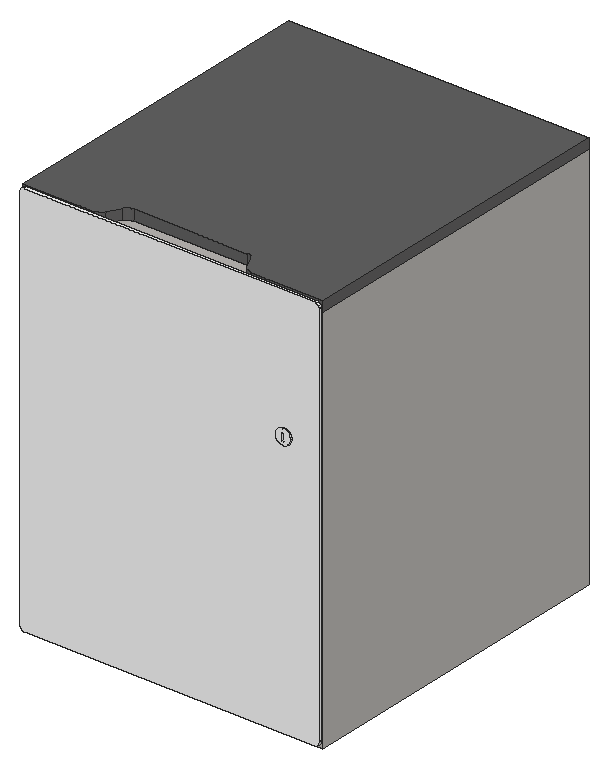
Revit family "Storage-Freestanding-Teknion-JNFMP-Mobile_Pedestal_with_Seat-R2018", category Furniture, Revit 2018
Family settings
  OmniClass Number = 23.40.20.00
  OmniClass Title = General Furniture and Specialties
  Work Plane-Based = No
  Always vertical = Yes
  Cut with Voids When Loaded = No
  Shared = Yes
  Room Calculation Point = No
Parameters (values of type "Metal")
  Warranty = "http://www.teknion.com/ca/papers/legal-canada"
  Unit Weight URL = "http://www.teknion.com/ca/tools/assets#&asset=bee6a381-b954-425e-8283-5a2de3a804f2,f828d448-4b62-4231-9e5f-9a8991c0ed77"
  URL = "www.teknion.com"
  Sustainability Data = "http://www.teknion.com/ca/tools/assets#&topic=216f99a5-57a0-44fc-b10a-9dee9b29ae4c&asset=444deb64-fe58-4b68-981e-f75e97781df7"
  Series = "Expansion Cityline"  # constant formula
  Seat Finish [instance] = Fabric-Teknion-RB11-Carbon
  Product Page URL = "http://www.teknion.com/ca/products/product-details?productlineid=9ad2a26e-8e7a-673b-a6c8-ff05004460c4"
  Product Line = "Expansion Cityline"  # constant formula
  Product Documentation Link = "http://www.teknion.com/pricing/expansion-cityline/pdfs/JNFMP_ppg.pdf"
  Part Number = "JNFMP"  # constant formula
  Model = "JNFMPM"
  Manufacturer Phone = "416-661-3370"  # constant formula
  Manufacturer Fax = "416.661.4586"  # constant formula
  Manufacturer Contact Information = "http://www.teknion.com/ca/contactus"
  Manufacturer Address = "1150 Flint Road, Toronto, ON. M3J 2J5. Canada"  # constant formula
  Manufacturer = "Teknion"  # constant formula
  Has Solid Front Style = not(Has Metal Front Style)  # no
  Has Metal Front Style = yes
  Front Finish = Mica - Teknion - V - Satin - Very White
  Front Door Depth [instance] = if(Has Metal Front Style, 0.118", 0.701")  # 0.118"
  Description = "Mobile Pedestal with Seat - Felt"  # constant formula
  Case Finish [instance] = Source Laminate - Teknion - XS - Storm White
  Assembly Code = "E2020200"
Types (2): name | Model | Has Solid Front Style | Has Metal Front Style | Front Finish | Front Door Depth
  Metal | "JNFMPM" | no | yes | Mica - Teknion - V - Satin - Very White | 0.118"
  Solid | "JNFMPS" | yes | no | Source Laminate - Teknion - XS - Storm White | 0.701"
Reference planes (in)
  plane 1 "Center Front/Back": y = -0.06001
  plane 2: z = -0.01128
  plane 3 "Center Left/Right": x = 0
  plane 4 "Left": x = -7.75
  plane 5 "Right": x = 7.75
  plane 6 "Back": y = 8.55022
  plane 7 "Front": y = -8.67025
  plane 8 "Top": z = 21
  plane 9: y = -8.74899
  plane 10: y = -8.86699
  plane 11: z = 0.24069
  plane 12: z = 20.44882
  plane 13: z = -2.01128
  plane 14: x = -5.93701
  plane 15: x = -4.1063
  plane 16: x = 4.1063
  plane 17: x = 5.93701
  plane 18: x = -0.91535
  plane 19: x = 0.91535
  plane 20: z = 1.55391
  plane 21: y = 12.04801
  plane 22: z = 2.37795
Forms (in)
  Extrusion 1, solid, material "Mica - Teknion - V - Satin - Very White" <- "Front Finish"
    sketch origin (0, -0.06001, 0) x (1, 0, 0) y (0, 0, 1)
      loop
        arc (-7.5, 20.94095) -> (-7.67678, 20.86772) -> (-7.75, 20.69094) r 0.25
        line (-7.75, 20.69094) -> (-7.75, 0.6088)
        arc (-7.75, 0.6088) -> (-7.67678, 0.43202) -> (-7.5, 0.3588) r 0.25
        line (-7.5, 0.3588) -> (7.5, 0.3588)
        arc (7.5, 0.3588) -> (7.67678, 0.43202) -> (7.75, 0.6088) r 0.25
        line (7.75, 0.6088) -> (7.75, 20.69095)
        arc (7.75, 20.69095) -> (7.67678, 20.86772) -> (7.5, 20.94095) r 0.25
        line (7.5, 20.94095) -> (-7.5, 20.94095)
    from 8.68898 to 8.80698
  Extrusion 2, solid, material "Source Laminate - Teknion - XS - Storm White" <- "Case Finish"
    sketch origin (0, 0, 0) x (1, 0, 0) y (0, 1, 0)
      loop
        line (-7.75, 8.55022) -> (-7.75, -8.67025) -> (7.75, -8.67025) -> (7.75, 8.55022) -> (-7.75, 8.55022)
    from 0.24069 to 20.44882
  Extrusion 3, solid, material "Mica - Teknion - V - Satin - Very White"
    sketch origin (0, -0.06001, 0) x (1, 0, 0) y (0, 0, 1)
      loop
        circle (5.91929, 14.14987) r 0.39357
      loop
        line (5.87007, 14.33715) -> (5.87007, 13.96313) -> (5.9685, 13.96313) -> (5.9685, 14.33715) -> (5.87007, 14.33715)
    from 8.80698 to 8.86603
  Extrusion 4, solid, material "Fabric-Teknion-RB11-Carbon" <- "Seat Finish"
    sketch origin (6.75, -180, 20.44882) x (0, -1, 0) y (-1, 0, 0)
      loop
        line (-171.32975, -1) -> (-171.32975, 2.69833)
        arc (-171.32975, 2.69833) -> (-171.3982, 2.93769) -> (-171.58283, 3.10468) r 0.45276
        line (-171.58283, 3.10468) -> (-172.2184, 3.41698)
        arc (-172.2184, 3.41698) -> (-172.40304, 3.58397) -> (-172.47148, 3.82333) r 0.45276
        line (-172.47148, 3.82333) -> (-172.47148, 9.67667)
        arc (-172.47148, 9.67667) -> (-172.40304, 9.91603) -> (-172.2184, 10.08302) r 0.45276
        line (-172.2184, 10.08302) -> (-171.58283, 10.39532)
        arc (-171.58283, 10.39532) -> (-171.3982, 10.56231) -> (-171.32975, 10.80167) r 0.45276
        line (-171.32975, 10.80167) -> (-171.32975, 14.5) -> (-188.55022, 14.5) -> (-188.55022, -1) -> (-171.32975, -1)
    from -0.55118 to 0
  Extrusion 5, void
    sketch origin (6.75, -180, 20.44882) x (-1, 0, 0) y (0, -1, 0)
      loop
        line (13.79921, -192.04801) -> (13.79921, -171.32975) -> (-0.29921, -171.32975) -> (-0.29921, -192.04801) -> (13.79921, -192.04801)
    from -22.4601 to -18.07087
  Extrusion 6, solid, material "Plastic - Teknion - 52 - Ebony"
    sketch origin (5.93701, -5.83454, 48) x (0, 1, 0) y (0, 0, 1)
      loop
        circle (12.50692, -47.04512) r 0.96553
    from -1.83071 to 0
  Extrusion 7, solid, material "Plastic - Teknion - 52 - Ebony"
    sketch origin (-5.93701, -6.07846, 48) x (0, 1, 0) y (0, 0, -1)
      loop
        circle (12.75179, 47.04576) r 0.96553
    from -1.83071 to 0
  Extrusion 8, solid, material "Plastic - Teknion - 52 - Ebony"
    sketch origin (-5.93701, -19.186, 48) x (0, 1, 0) y (0, 0, -1)
      loop
        circle (12.38881, 47.04512) r 0.96553
    from -1.83071 to 0
  Extrusion 9, solid, material "Plastic - Teknion - 52 - Ebony"
    sketch origin (4.1063, -19.186, 48) x (0, 1, 0) y (0, 0, -1)
      loop
        circle (12.38881, 47.04512) r 0.96553
    from -1.83071 to 0
  Extrusion 10, solid, material "Plastic - Teknion - 52 - Ebony"
    sketch origin (-0.91535, -20.07576, 48) x (0, 1, 0) y (0, 0, -1)
      loop
        circle (12.38881, 47.04512) r 0.96553
    from -1.83071 to 0
  Extrusion 11, solid, material "Plastic - Teknion - 52 - Ebony"
    sketch origin (-5.01036, -179.88189, 1.55391) x (-1, 0, 0) y (0, -1, 0)
      loop
        circle (0.01395, -173.57514) r 0.275
    from 0 to 0.82404
  Extrusion 12, solid, material "Plastic - Teknion - 52 - Ebony"
    sketch origin (5.01036, -179.88381, 1.55391) x (1, 0, 0) y (0, 1, 0)
      loop
        circle (0.01395, 173.57514) r 0.275
    from 0 to 0.82404
  Extrusion 13, solid, material "Plastic - Teknion - 52 - Ebony"
    sketch origin (-0.01395, -181.74877, 1.55391) x (1, 0, 0) y (0, 1, 0)
      loop
        circle (0.01395, 173.57514) r 0.275
    from 0 to 0.82404
  Extrusion 14, solid, material "Plastic - Teknion - 52 - Ebony"
    sketch origin (-5.01036, 179.99617, 1.55391) x (-1, 0, 0) y (0, -1, 0)
      loop
        circle (0.01395, 173.81224) r 0.275
    from 0 to 0.82404
  Extrusion 15, solid, material "Plastic - Teknion - 52 - Ebony"
    sketch origin (5.01036, 179.99617, 1.55391) x (1, 0, 0) y (0, 1, 0)
      loop
        circle (0.01395, -173.81224) r 0.275
    from 0 to 0.82404
Cuts and joins
  Extrusion 5 cuts Extrusion 2
Lines and regions (in)
  Masking region 1
    outline origin (0, 0, 0) x (1, 0, 0) y (0, 1, 0)
      loop
        line (-7.75, 8.55022) -> (-7.75, -8.67025) -> (7.75, -8.67025) -> (7.75, 8.55022) -> (-7.75, 8.55022)
  Masking region 2
    outline origin (0, 0, 0) x (1, 0, 0) y (0, 1, 0)
      loop
        line (-7.75, -8.74899) -> (-7.75, -8.86699) -> (7.75, -8.86699) -> (7.75, -8.74899) -> (-7.75, -8.74899)
  symbolic lines, style "FurnitureHiddenLines", detail levels medium+fine
    curve 1: line (7.04921, 8.55022, 20.44882) -> (7.04921, -8.67025, 20.44882)
    curve 2: line (-7.04921, -8.67025, 20.44882) -> (-7.04921, 8.55022, 20.44882)
  symbolic lines, style "FurnitureHiddenLines", detail levels fine
    curve 3: line (-5.93701, -5.83167, 1.55391) -> (-5.93701, -7.76272, 1.55391)
    curve 4: line (-5.93701, -5.83167, 1.55391) -> (-4.1063, -5.83167, 1.55391)
    curve 5: line (-4.1063, -5.83167, 1.55391) -> (-4.1063, -7.76272, 1.55391)
    curve 6: line (-5.93701, -7.76272, 1.55391) -> (-4.1063, -7.76272, 1.55391)
    curve 7: line (-0.91535, -6.72143, 1.55391) -> (0.91535, -6.72143, 1.55391)
    curve 8: line (-0.91535, -8.65248, 1.55391) -> (-0.91535, -6.72143, 1.55391)
    curve 9: line (0.91535, -8.65248, 1.55391) -> (-0.91535, -8.65248, 1.55391)
    curve 10: line (0.91535, -6.72143, 1.55391) -> (0.91535, -8.65248, 1.55391)
    curve 11: line (4.1063, -5.83167, 1.55391) -> (5.93701, -5.83167, 1.55391)
    curve 12: line (4.1063, -7.76272, 1.55391) -> (4.1063, -5.83167, 1.55391)
    curve 13: line (5.93701, -7.76272, 1.55391) -> (4.1063, -7.76272, 1.55391)
    curve 14: line (5.93701, -5.83167, 1.55391) -> (5.93701, -7.76272, 1.55391)
    curve 15: line (-5.93701, 7.63886, 1.55391) -> (-4.1063, 7.63886, 1.55391)
    curve 16: line (-5.93701, 5.70781, 1.55391) -> (-5.93701, 7.63886, 1.55391)
    curve 17: line (-4.1063, 5.70781, 1.55391) -> (-5.93701, 5.70781, 1.55391)
    curve 18: line (-4.1063, 7.63886, 1.55391) -> (-4.1063, 5.70781, 1.55391)
    curve 19: line (4.1063, 7.6379, 1.55391) -> (5.93701, 7.6379, 1.55391)
    curve 20: line (4.1063, 5.70685, 1.55391) -> (4.1063, 7.6379, 1.55391)
    curve 21: line (5.93701, 5.70685, 1.55391) -> (4.1063, 5.70685, 1.55391)
    curve 22: line (5.93701, 7.6379, 1.55391) -> (5.93701, 5.70685, 1.55391)
    curve 23: arc (-4.74931, -6.30674, 1.55391) -> (-5.02431, -6.03174, 1.55391) -> (-5.29931, -6.30674, 1.55391) r 0.275
    curve 24: arc (-5.29931, -6.30674, 1.55391) -> (-5.02431, -6.58174, 1.55391) -> (-4.74931, -6.30674, 1.55391) r 0.275
    curve 25: arc (0.275, -8.17362, 1.55391) -> (0, -7.89862, 1.55391) -> (-0.275, -8.17362, 1.55391) r 0.275
    curve 26: arc (-0.275, -8.17362, 1.55391) -> (0, -8.44862, 1.55391) -> (0.275, -8.17362, 1.55391) r 0.275
    curve 27: arc (4.74931, -6.30866, 1.55391) -> (5.02431, -6.58366, 1.55391) -> (5.29931, -6.30866, 1.55391) r 0.275
    curve 28: arc (5.29931, -6.30866, 1.55391) -> (5.02431, -6.03366, 1.55391) -> (4.74931, -6.30866, 1.55391) r 0.275
    curve 29: arc (-4.74931, 6.18393, 1.55391) -> (-5.02431, 6.45893, 1.55391) -> (-5.29931, 6.18393, 1.55391) r 0.275
    curve 30: arc (-5.29931, 6.18393, 1.55391) -> (-5.02431, 5.90893, 1.55391) -> (-4.74931, 6.18393, 1.55391) r 0.275
    curve 31: arc (5.29931, 6.18393, 1.55391) -> (5.02431, 6.45893, 1.55391) -> (4.74931, 6.18393, 1.55391) r 0.275
    curve 32: arc (4.74931, 6.18393, 1.55391) -> (5.02431, 5.90893, 1.55391) -> (5.29931, 6.18393, 1.55391) r 0.275
Dimensions and locks (in)
  locked: plane 4 "Left" to plane 5 "Right" at 15.5
  locked: plane 6 "Back" to plane 7 "Front" at 17.22047
  locked: plane 8 "Top" to level at 21
  locked: Extrusion 1 sketch curve to plane 5 "Right" at 0.25  (x2)
  locked: plane 8 "Top" to Extrusion 1 sketch curve at 0.05905
  locked: plane 8 "Top" to Extrusion 1 sketch curve at 0.30906
  locked: plane 8 "Top" to Extrusion 1 sketch curve at 0.30905
  locked: Extrusion 1 sketch curve to plane 4 "Left" at 0.25  (x2)
  Extrusion 3 sketch curve to Extrusion 3 sketch curve to Extrusion 3 sketch curve to plane 5 "Right" = 0.04921" locked, 0.04921" locked, 1.7815" locked
  plane 8 "Top" to Extrusion 3 sketch curve to Extrusion 3 sketch curve to Extrusion 3 sketch curve = 6.66285" locked, 0.18728" locked, 0.18674" locked
  locked: Extrusion 3 to plane 10 at 0.05906
  locked: plane 9 to plane 7 "Front" at 0.07874
  "Front Door Depth": plane 10 to plane 9
  equal spacing: plane 4 "Left", plane 3 "Center Left/Right", plane 5 "Right"
  locked: Extrusion 1 sketch curve to plane 11 at 0.36811  (x2)
  locked: plane 11 to plane 2 at 0.25197
  locked: plane 8 "Top" to plane 12 at 0.55118
  locked: plane 4 "Left" to Extrusion 5 sketch curve at 0.70079
  Extrusion 5 sketch curve to plane 6 "Back" = 3.49779"
  locked: Extrusion 5 sketch curve to plane 5 "Right" at 0.70079
  locked: Extrusion 5 sketch curve to plane 7 "Front" at 0
  locked: plane 2 to plane 13 at 2
  plane 16 to plane 17 to plane 5 "Right" = 1.83071" locked, 1.81299" locked
  plane 4 "Left" to plane 14 to plane 15 = 1.81299" locked, 1.83071" locked
  plane 18 to plane 3 "Center Left/Right" to plane 19 = 0.91535" locked, 0.91535" locked
  locked: Extrusion 6 sketch curve to plane 6 "Back" at 1.87785
  locked: Extrusion 6 sketch curve to plane 2 at 0.96617
  locked: Extrusion 10 sketch curve to plane 7 "Front" at 0.98329
  locked: Extrusion 10 sketch curve to plane 2 at 0.96617
  locked: Extrusion 8 sketch curve to plane 7 "Front" at 1.87306
  locked: Extrusion 8 sketch curve to plane 2 at 0.96617
  locked: Extrusion 9 sketch curve to plane 2 at 0.96617
  locked: Extrusion 9 sketch curve to plane 7 "Front" at 1.87306
  locked: plane 6 "Back" to Extrusion 7 sketch curve at 1.87689
  locked: Extrusion 7 sketch curve to plane 2 at 0.96553
  locked: plane 20 to plane 2 at 1.56519
  locked: plane 4 "Left" to Extrusion 11 sketch curve at 2.72569
  plane 7 "Front" to Extrusion 11 sketch curve = 2.3635"
  locked: Extrusion 12 sketch curve to plane 5 "Right" at 2.72569
  plane 7 "Front" to Extrusion 12 sketch curve = 2.36159"
  locked: plane 3 "Center Left/Right" to Extrusion 13 sketch curve at 0
  plane 7 "Front" to Extrusion 13 sketch curve = 0.49663"
  plane 6 "Back" to Extrusion 14 sketch curve = 2.36629"
  locked: plane 4 "Left" to Extrusion 14 sketch curve at 2.72569
  locked: Extrusion 15 sketch curve to plane 5 "Right" at 2.72569
  plane 6 "Back" to Extrusion 15 sketch curve = 2.36629"
  Extrusion 14 to plane 2 = 2.38924"
  plane 7 "Front" to Extrusion 4 sketch curve to Extrusion 4 sketch curve to Extrusion 4 sketch curve to Extrusion 4 sketch curve to Extrusion 4 sketch curve = 0.45276" locked, 0.000" locked, 0.23622" locked, 0.000" locked, 0.45276" locked
  Extrusion 4 sketch curve to Extrusion 4 sketch curve to plane 3 "Center Left/Right" to Extrusion 4 sketch curve to Extrusion 4 sketch curve = 1.125" locked, 2.92667" locked, 2.92667" locked, 1.125" locked
  equal spacing: plane 7 "Front", plane 1 "Center Front/Back", plane 6 "Back"
  locked: plane 21 to plane 6 "Back" at 3.49779
  locked: plane 22 to level at 2.37795
  aligned and locked: plane 4 "Left" to Extrusion 1 sketch curve
  aligned and locked: plane 5 "Right" to Extrusion 1 sketch curve
  aligned and locked: plane 10 to Extrusion 1
  aligned and locked: Extrusion 1 to plane 9
  aligned and locked: plane 4 "Left" to Extrusion 2 sketch curve
  aligned and locked: Extrusion 2 sketch curve to plane 6 "Back"
  aligned and locked: plane 5 "Right" to Extrusion 2 sketch curve
  aligned and locked: Extrusion 2 sketch curve to plane 7 "Front"
  aligned and locked: Extrusion 3 to plane 10
  aligned and locked: Masking region 1 sketch curve to plane 6 "Back"
  aligned and locked: plane 4 "Left" to Masking region 1 sketch curve
  aligned and locked: plane 5 "Right" to Masking region 1 sketch curve
  aligned and locked: Masking region 1 sketch curve to plane 7 "Front"
  aligned and locked: plane 5 "Right" to Masking region 2 sketch curve
  aligned and locked: plane 9 to Masking region 2 sketch curve
  aligned and locked: Masking region 2 sketch curve to plane 10
  aligned and locked: plane 4 "Left" to Masking region 2 sketch curve
  aligned and locked: Extrusion 2 to plane 11
  aligned and locked: plane 12 to Extrusion 4
  aligned and locked: plane 8 "Top" to Extrusion 4
  aligned and locked: Extrusion 6 to plane 16
  aligned and locked: plane 17 to Extrusion 6
  aligned and locked: plane 15 to Extrusion 7
  aligned and locked: Extrusion 7 to plane 14
  aligned and locked: Extrusion 8 to plane 14
  aligned and locked: plane 15 to Extrusion 8
  aligned and locked: Extrusion 9 to plane 16
  aligned and locked: plane 17 to Extrusion 9
  aligned and locked: plane 19 to Extrusion 10
  aligned and locked: Extrusion 10 to plane 18
  aligned and locked: Extrusion 13 to Extrusion 11
  aligned and locked: Extrusion 11 to plane 20
  aligned and locked: Extrusion 14 to plane 20
  aligned and locked: Extrusion 13 to plane 20
  aligned and locked: plane 20 to Extrusion 13  (x3)
  aligned and locked: Extrusion 12 to plane 20
  aligned and locked: Extrusion 15 to plane 20
  aligned and locked: plane 20 to Extrusion 12
  aligned and locked: plane 20 to Extrusion 11
  aligned and locked: curve 8 to Extrusion 10
  aligned and locked: curve 10 to Extrusion 10
  aligned and locked: plane 6 "Back" to Extrusion 4 sketch curve
  aligned and locked: Extrusion 4 sketch curve to plane 5 "Right"
  aligned and locked: Extrusion 4 sketch curve to plane 4 "Left"
  aligned and locked: plane 7 "Front" to Extrusion 4 sketch curve  (x2)
  aligned and locked: curve 23 to Extrusion 11
  aligned and locked: curve 24 to Extrusion 11
  aligned and locked: curve 25 to Extrusion 13
  aligned and locked: curve 26 to Extrusion 13
  aligned and locked: curve 27 to Extrusion 12
  aligned and locked: curve 28 to Extrusion 12
  aligned and locked: curve 29 to Extrusion 14
  aligned and locked: curve 30 to Extrusion 14
  aligned and locked: curve 31 to Extrusion 15
  aligned and locked: curve 32 to Extrusion 15
  aligned and locked: plane 21 to Extrusion 5
  aligned and locked: plane 13 to Extrusion 5
  aligned and locked: plane 22 to Extrusion 5
  aligned and locked: cut or joined group of Extrusion 2, Extrusion 5 to plane 12
  aligned and locked: plane 6 "Back" to curve 2
  aligned and locked: plane 6 "Back" to curve 1
Automatic sketch dimensions
  plane 7 "Front" to curve 2 = 0.000"
  plane 7 "Front" to curve 1 = 0.000"
  curve 13 to plane 17 = 0.000"
  curve 22 to plane 17 = 0.000"
  curve 21 to plane 16 = 0.000"
  curve 13 to plane 16 = 0.000"
  curve 18 to plane 15 = 0.000"
  curve 6 to plane 15 = 0.000"
  curve 16 to plane 14 = 0.000"
  curve 6 to plane 14 = 0.000"
  curve 18 to plane 6 "Back" = 0.91137"
  curve 19 to plane 6 "Back" = 0.91232"
  curve 7 to plane 7 "Front" = 1.94882"
  curve 12 to plane 7 "Front" = 0.90753"
  curve 6 to plane 7 "Front" = 0.90753"
  curve 9 to plane 7 "Front" = 0.01777"
  Extrusion 4 sketch curve to Extrusion 4 sketch curve = 0.25308"
  Extrusion 4 sketch curve to Extrusion 4 sketch curve = 0.19967"
  Extrusion 4 sketch curve to plane 7 "Front" = 0.25308"  (x2)
  curve 3 to curve 23 = 0.47508"
  curve 11 to curve 28 = 0.47699"
  curve 30 to curve 16 = 0.47612"
  curve 31 to curve 21 = 0.47708"
  plane 4 "Left" to curve 2 = 0.70079"
  plane 5 "Right" to curve 1 = 0.70079"
  radius of Extrusion 3 sketch curve = 0.39357"
  radius of Extrusion 6 sketch curve = 0.96553"
  radius of Extrusion 7 sketch curve = 0.96553"
  radius of Extrusion 8 sketch curve = 0.96553"
  radius of Extrusion 9 sketch curve = 0.96553"
  radius of Extrusion 10 sketch curve = 0.96553"
  radius of Extrusion 11 sketch curve = 0.275"
  radius of Extrusion 12 sketch curve = 0.275"
  radius of Extrusion 13 sketch curve = 0.275"
  radius of Extrusion 14 sketch curve = 0.275"
  radius of Extrusion 15 sketch curve = 0.275"
